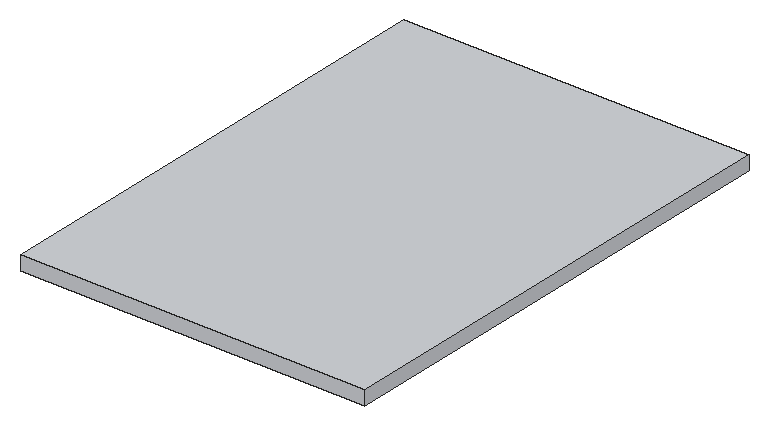
Revit family "MLS3-I", category Lighting Fixtures, host Face, Revit 2019
Family settings
  Host = Face
  Round Connector Dimension = Use Diameter
  Part Type = Normal
  OmniClass Number = 23.80.70.11
  OmniClass Title = Luminaries for Internal Lighting
  Cut with Voids When Loaded = No
  Light Source = Yes
  Shared = No
  Room Calculation Point = No
Parameters
  Final Hanging Points [instance] = if(Fixture Length > 12' 0", 3, No of Hanging Points)  # 2
  No of Hanging Points [instance] = 2
  Emit from Rectangle Width = 2' - 0"
  Emit from Rectangle Length = 4' - 0"
  Emit Shape Visible in Rendering = no
  Default Elevation [instance] = 4' - 0"
  Cable Suspension [instance] = 2' - 0"
  Wattage Comments = ""
  Wattage = 7.40531 W
  built-in parameter 1150110 = 1 (stored number, unit not read)
  Voltage Comment = "120/277 UNV Volt"
  Voltage [instance] = 120 V
  URL = "https://mercltg.com/product/mls3-i/"
  built-in parameter 1114217 = 1 (stored number, unit not read)
  Tilt Angle = 90.00°
  built-in parameter 1150109 = 1 (stored number, unit not read)
  built-in parameter 1150134 = (empty or 0)
  built-in parameter 1150113 = 1 (stored number, unit not read)
  No of Poles [instance] = 1
  Model = "MLS3-I"
  Manufacturer = "Mercury Lighting"
  Load Classifcation = Lighting
  Load [instance] = 0 W
  Photometric Web File = "mer11654729.12.MLS3-I-4-3000-750-LMFT-35K-HTA-A401-U.ies"
  Lumens = 1100 lm
  built-in parameter 1150115 = 1 (stored number, unit not read)
  built-in parameter 1150105 = 87.535 (stored number, unit not read)
  built-in parameter 1150137 = (empty or 0)
  built-in parameter 1150139 = (empty or 0)
  Lens = Acrylic
  built-in parameter 1150112 = 1 (stored number, unit not read)
  built-in parameter 1150114 = 1 (stored number, unit not read)
  Lamp = "LED"
  built-in parameter 1150132 = 2
  built-in parameter 1150102 = (empty or 0)
  built-in parameter 1150138 = (empty or 0)
  built-in parameter 1150107 = 3000 (stored number, unit not read)
  built-in parameter 1150106 = 0.87535 (stored number, unit not read)
  Housing = Metal, Paint Finish, White, Matte
  Fixture Length [instance] = 4' - 0"
  Fixture width = 0' - 3"
  built-in parameter 1150104 = 13.8 (stored number, unit not read)
  Dimming Lamp Color Temperature Shift = (empty or 0)
  Color Filter = 16777215
  built-in parameter 1114218 = 1 (stored number, unit not read)
  built-in parameter 1150133 = 10 (stored number, unit not read)
  Apparent Load = 0 VA
Reference planes (in)
  plane 1 "Light Source Axis (F/B)": y = 0
  plane 2 "Ceiling": z = 0
  plane 3 "Light Source Axis (L/R)": x = 0
  plane 4 "Light Source Elevation": z = -25.5
  plane 5: x = 24
  plane 6: x = -24
  plane 7: x = 23.9375
  plane 8: x = -23.9375
  plane 9: z = -24
  plane 10: x = -23.5
  plane 11: x = 23.5
  plane 12: z = 0
Forms (in)
  Extrusion 1, solid, material "Metal, Paint Finish, White, Matte" <- "Housing"
    sketch origin (0, 0, -2.25) x (0, 1, 0) y (0, 0, 1)
      loop
        line (1.5, -21.75) -> (-1.5, -21.75) -> (-1.5, -25.25) -> (1.5, -25.25) -> (1.5, -21.75)
    from -24 to 24
  Extrusion 2, solid
    sketch origin (0, 0, 0) x (0, 1, 0) y (0, 0, 1)
      loop
        line (-1.4375, -24) -> (-1.4375, -25.5) -> (1.4375, -25.5) -> (1.4375, -24) -> (-1.4375, -24)
    from -23.9375 to 23.9375
  Extrusion 3, solid, material "Acrylic" <- "Lens"
    sketch origin (0, 0, 0) x (0, 1, 0) y (0, 0, 1)
      loop
        line (-1.4375, -24) -> (-1.4375, -24.125) -> (1.4375, -24.125) -> (1.4375, -24) -> (-1.4375, -24)
    from -23.9375 to 23.9375
  Extrusion 4, solid
    sketch origin (0, 0, 0) x (1, 0, 0) y (0, 1, 0)
      loop
        line (-148, -206) -> (148, -206) -> (148, 206) -> (-148, 206) -> (-148, -206)
    from 0 to 12
Dimensions and locks (in)
  equal spacing: Extrusion 1 sketch curve, imposter light, Extrusion 1 sketch curve
  "Fixture width": Extrusion 1 sketch curve to Extrusion 1 sketch curve
  locked: Extrusion 1 sketch curve to Extrusion 1 sketch curve at 3.5
  equal spacing: plane 5, plane 3 "Light Source Axis (L/R)", plane 6
  "Fixture Length": plane 5 to plane 6
  locked: plane 8 to plane 6 at 0.0625
  locked: plane 7 to plane 5 at 0.0625
  "Cable Suspension": plane 2 "Ceiling" to plane 9
  locked: plane 10 to plane 6 at 0.5
  locked: plane 5 to plane 11 at 0.5
  locked: Extrusion 3 sketch curve to Extrusion 3 sketch curve at 0.125
  group 1 to group 2 = 3' - 11"
  group 1 to group 2 = 0' - 0"  (x2)
  locked: plane 9 to plane 4 "Light Source Elevation" at 1.5
  aligned and locked: plane 3 "Light Source Axis (L/R)" to imposter light
  aligned and locked: plane 1 "Light Source Axis (F/B)" to imposter light
  aligned and locked: plane 4 "Light Source Elevation" to imposter light
  aligned and locked: plane 5 to Extrusion 1
  aligned and locked: Extrusion 1 to plane 6
  aligned and locked: plane 1 "Light Source Axis (F/B)" to nested 1
  aligned and locked: plane 10 to nested 1
  aligned and locked: plane 7 to Extrusion 2
  aligned and locked: Extrusion 2 to plane 8
  aligned and locked: Extrusion 2 sketch curve to plane 9
  aligned and locked: Extrusion 2 sketch curve to plane 4 "Light Source Elevation"
  aligned and locked: Extrusion 3 sketch curve to Extrusion 2  (x3)
  aligned and locked: plane 7 to Extrusion 3
  aligned and locked: Extrusion 3 to plane 8
  aligned and locked: plane 11 to nested 2
Automatic sketch dimensions
  Extrusion 4 sketch curve to Extrusion 4 sketch curve = 24' - 8"
  Extrusion 4 sketch curve to Extrusion 4 sketch curve = 34' - 4"
  plane 1 "Light Source Axis (F/B)" to Extrusion 2 sketch curve = 0' - 1 7/16"
  Extrusion 2 sketch curve to plane 1 "Light Source Axis (F/B)" = 0' - 1 7/16"
  plane 9 to Extrusion 1 sketch curve = 0' - 0"
Nested families (in)
  nested 1: "Round Canopy" at (-23.5, 0, 0), Cord Height <- "Cable Suspension", type "Round Canopy"
    with Default Elevation 4' - 0", Cord Height 2' - 0", Canopy Width 0' - 1"
  nested 2: "Round Canopy" at (23.5, 0, 0), Cord Height <- "Cable Suspension", type "Round Canopy"
    with Default Elevation 4' - 0", Cord Height 2' - 0", Canopy Width 0' - 1"
Connectors (in)
  electrical at (-23.5, 0, 0), driven by "No of Poles", driven by "Load Classifcation", driven by "Voltage", driven by "Load"
    settings: on nested 1, index 1, voltage 120 V, apparent load 0 VA, apparent load phase1 0 VA, apparent load phase2 0 VA, apparent load phase3 0 VA, power factor 1, load classification "Lighting", number of poles 1, system type 31, power factor state 1, is connector primary yes, connector utility no, sub classification motor no, connector description ""
Definition of nested family "Round Canopy"
  Parameters (values of type "Round Canopy")
    Default Elevation [instance] = 4' - 0"
    Cord Height [instance] = 1' - 0"
    Canopy Width [instance] = 0' - 1"
  Reference planes (in)
    plane 1 "Center (Front/Back)": y = 0
    plane 2 "Ceiling": z = 0
    plane 3 "Center (Left/Right)": x = 0
    plane 4: z = 0
  Forms (in)
    Revolve 1, solid
      sketch origin (0, 0, 0) x (1, 0, 0) y (0, 0, 1)
        loop
          line (0.1679, -12) -> (0.1679, -10.8) -> (0.03125, -10.8) -> (0.03125, -1.57425) -> (0.20625, -1.57425) -> (0.20625, -0.37425) -> (1, -0.37425) -> (1, 0) -> (0, 0) -> (0, -12) -> (0.1679, -12)
        axis (0, 0) -> (0, -12)
      angle from 0 to 360
    Extrusion 2, solid
      sketch origin (0, 0, 0) x (1, 0, 0) y (0, 1, 0)
        loop
          line (-60, -60) -> (60, -60) -> (60, 60) -> (-60, 60) -> (-60, -60)
      from 0 to 12
  Dimensions and locks (in)
    Revolve 1 sketch curve to Revolve 1 sketch curve to Revolve 1 sketch curve = 0' - 0.13665" locked, 0' - 0 1/32" locked
    locked: Revolve 1 sketch curve to Revolve 1 sketch curve at 1.2  (x2)
    locked: Revolve 1 sketch curve to Revolve 1 sketch curve at 0.175
    locked: Revolve 1 sketch curve to Revolve 1 sketch curve at 0.37425
    "Cord Height": Revolve 1 to Revolve 1
    "Canopy Width": Revolve 1 sketch curve to Revolve 1 sketch curve
    aligned and locked: Revolve 1 sketch curve to plane 3 "Center (Left/Right)"
  Automatic sketch dimensions
    Revolve 1 sketch curve to plane 2 "Ceiling" = 0' - 0"  (x2)
    Revolve 1 sketch curve to plane 3 "Center (Left/Right)" = 0' - 0"
    Revolve 1 sketch curve to Revolve 1 sketch curve = 0' - 9.22575"
    Revolve 1 sketch curve to Revolve 1 sketch curve = 0' - 10.47575"
    Extrusion 2 sketch curve to Extrusion 2 sketch curve = 10' - 0"  (x2)
